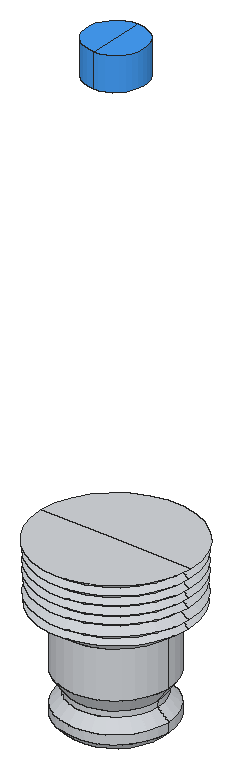
Revit family "Reece_Tap_Arco_Giro_Washing Machine Stop", category Plumbing Fixtures, host Face, Revit 2018
Family settings
  Host = Face
  Round Connector Dimension = Use Diameter
  Part Type = Normal
  Cut with Voids When Loaded = No
  Shared = Yes
  Room Calculation Point = Yes
Parameters (values of type "Chrome")
  Waste Connection = no
  WFU = 0  # constant formula
  Vent Connection = no
  URL = "https://www.reece.com.au/product/-1120171"
  Type Comments = "Tap"
  Reece_Water_Type_Switch [instance] = yes
  Reece_Water_Type [instance] = if(Reece_Water_Cold, "Cold Water", if(Reece_Water_Hot, "Hot Water", "Cold Water"))  # "Cold Water"
  Reece_Water_Hot [instance] = not(Reece_Water_Cold)  # no
  Reece_Water_Cold [instance] = Reece_Water_Type_Switch  # yes
  Reece_Tap_Reach = 36 mm  # constant formula
  Reece_Tap_Projection = 68 mm  # constant formula
  Reece_Tap_Outlet = 20 mm  # constant formula
  Reece_Tap_Inlet = 12.5 mm  # constant formula
  Reece_Product_Web Page = "https://www.reece.com.au/product/-1120171"
  Reece_Product_Type = "Tap"  # constant formula
  Reece_Product_Sub Brand = "Giro"  # constant formula
  Reece_Product_Number = "1120171"
  Reece_Product_Mount = "Wall Mounted"  # constant formula
  Reece_Product_Description = "Arco Giro Washing Machine Stop 15 x 20mm Chrome Lead Free"
  Reece_Product_Brand = "Arco"  # constant formula
  Reece_Overall_Height = 56 mm  # constant formula
  Reece_Material_Tap_Hot = Render_Hot_Water_Cap
  Reece_Material_Tap_Cold = Render_Cold_Water_Cap
  Reece_Material_Main = Reece_Brass_Chrome
  Reece_Detail_Type = "Washing Machine Stop"  # constant formula
  Reece_Detail_Installation = ""
  Reece_Detail_Disclaimer = "THIS FILE IS THE PROPERTY OF THE REECE GROUP. IT MAY NOT BE REPRODUCED, REVERSE-ENGINEERED, OR MODIFIED. ANY REPUBLICATION, TRANSMISSION, OR DISTRIBUTION FOR THE PURPOSE OF COMMERCIALLY EXPLOITING THE FILES IS PROHIBITED."  # constant formula
  Reece_Detail_Connector = ""
  Model = "Giro"
  Manufacturer = "Arco"
  Keynote = "Product #1120171, Reece_Tap_Arco_Giro_Washing Machine Stop - Chrome"
  HWFU = 0  # constant formula
  HW Connection = no
  Disclaimer = "THIS FILE IS THE PROPERTY OF THE REECE GROUP. IT MAY NOT BE REPRODUCED, REVERSE-ENGINEERED, OR MODIFIED. ANY REPUBLICATION, TRANSMISSION, OR DISTRIBUTION FOR THE PURPOSE OF COMMERCIALLY EXPLOITING THE FILES IS PROHIBITED."  # constant formula
  Description = "Arco Giro Washing Machine Stop 15 x 20mm Chrome Lead Free"
  Default Elevation = 0 mm
  Cost = 0
  CWFU = 0  # constant formula
  CW Connection = no
  Assembly Code = ""
Reference planes
  plane 1 "Center (Front/Back)": y = 0
  plane 2 "Bottom": z = 0
  plane 3 "Center (Left/Right)": x = 0
  plane 4: z = 68
  plane 5: y = 15
  plane 6: y = -41
  plane 7: z = 36
  plane 8: z = 51.8
Forms (mm)
  Revolve 1, solid
    sketch origin (29.571, 0, -7.825) x (1, 0, 0) y (0, 0, 1)
      loop
        line (-29.571, 7.825) -> (-40.893, 7.825) -> (-39.732, 7.013) -> (-40.669, 6.356) -> (-39.732, 5.699) -> (-40.669, 5.043) -> (-39.732, 4.386) -> (-40.669, 3.73) -> (-39.732, 3.073) -> (-40.605, 2.461) -> (-39.465, 1.663) -> (-40.669, 0.82) -> (-39.732, 0.163) -> (-40.605, -0.449) -> (-37.524, -2.607) -> (-37.524, -9.618) -> (-35.966, -11.842) -> (-35.966, -12.686) -> (-37.524, -14.243) -> (-37.524, -15.579) -> (-36.427, -16.676) -> (-29.571, -16.676) -> (-29.571, 7.825)
      axis (-29.571, 7.825) -> (-29.571, -16.676)
    angle from 0 to 360
  Revolve 2, void
    sketch origin (0, 0, 0) x (0, 1, 0) y (0, 0, 1)
      loop
        line (4.25, 68) -> (0, 68) -> (0, 63) -> (4.25, 63) -> (4.25, 68)
      axis (0, 68) -> (0, 63)
    angle from 0 to 360
  Revolve 3, solid, material "Render_Cold_Water_Cap" <- "Reece_Material_Tap_Cold", visible <- "Reece_Water_Cold"
    sketch origin (0, 0, 0) x (0, 1, 0) y (0, 0, 1)
      loop
        line (4.25, 68) -> (0, 68) -> (0, 63) -> (4.25, 63) -> (4.25, 68)
      axis (0, 68) -> (0, 63)
    angle from 0 to 360
  Revolve 4, solid, material "Render_Hot_Water_Cap" <- "Reece_Material_Tap_Hot", visible <- "Reece_Water_Hot"
    sketch origin (0, 0, 0) x (0, 1, 0) y (0, 0, 1)
      loop
        line (4.25, 68) -> (0, 68) -> (0, 63) -> (4.25, 63) -> (4.25, 68)
      axis (0, 68) -> (0, 63)
    angle from 0 to 360
  Revolve 5, void
    sketch origin (0, 0, 0) x (0, 1, 0) y (0, 0, 1)
      loop
        line (12.499, 0) -> (0, 0) -> (0, -30.643) -> (12.499, -30.643) -> (12.499, 0)
      axis (0, 0) -> (0, -30.643)
    angle from 0 to 360
Cuts and joins
  Revolve 2 cuts ?
Text (mm)
  text "Reece ©" at (-169.864, -190.533, 0), in view "Ref. Level"
  text "Reece ©" at (-0.183, 77.256, 75.547), in view "Reece Preview"
Dimensions and locks
  "Reece_Tap_Reach": plane 7 to host face
  "Reece_Tap_Projection": plane 4 to plane 2 "Bottom"
  "Reece_Overall_Height": plane 5 to plane 6
  equal spacing: host sketch curve, plane 3 "Center (Left/Right)", host sketch curve
  equal spacing: host sketch curve, plane 1 "Center (Front/Back)", host sketch curve
  aligned and locked: plane 2 "Bottom" to host face
  aligned and locked: level to host face
  aligned and locked: Revolve 2 sketch curve to plane 1 "Center (Front/Back)"
  aligned and locked: plane 4 to Revolve 2
  aligned and locked: Revolve 5 sketch curve to plane 1 "Center (Front/Back)"
Automatic sketch dimensions
  Revolve 1 sketch curve to level = 0 mm
  Revolve 1 sketch curve to plane 3 "Center (Left/Right)" = 0 mm  (x2)
  Revolve 1 sketch curve to plane 3 "Center (Left/Right)" = 6.395 mm
  Revolve 1 sketch curve to Revolve 1 sketch curve = 0.46 mm
  Revolve 1 sketch curve to Revolve 1 sketch curve = 1.557 mm  (x3)
  Revolve 1 sketch curve to Revolve 1 sketch curve = 1.942 mm
  Revolve 1 sketch curve to level = 2.126 mm
  Revolve 1 sketch curve to Revolve 1 sketch curve = 0.267 mm  (x2)
  Revolve 1 sketch curve to level = 3.439 mm
  Revolve 1 sketch curve to Revolve 1 sketch curve = 0 mm  (x3)
  Revolve 1 sketch curve to level = 0.813 mm
  Revolve 1 sketch curve to level = 4.752 mm
  Revolve 1 sketch curve to Revolve 1 sketch curve = 0.874 mm  (x2)
  Revolve 1 sketch curve to level = 5.364 mm
  Revolve 1 sketch curve to level = 2.783 mm
  Revolve 1 sketch curve to Revolve 1 sketch curve = 0.938 mm  (x4)
  Revolve 1 sketch curve to level = 1.469 mm
  Revolve 1 sketch curve to level = 4.096 mm
  Revolve 1 sketch curve to Revolve 1 sketch curve = 1.161 mm
  Revolve 1 sketch curve to Revolve 1 sketch curve = 0.798 mm
  Revolve 1 sketch curve to Revolve 1 sketch curve = 0.843 mm
  Revolve 1 sketch curve to Revolve 1 sketch curve = 0.657 mm
  Revolve 1 sketch curve to Revolve 1 sketch curve = 0.612 mm
  Revolve 1 sketch curve to Revolve 1 sketch curve = 2.77 mm
  Revolve 1 sketch curve to Revolve 1 sketch curve = 7.012 mm
  Revolve 1 sketch curve to Revolve 1 sketch curve = 2.224 mm
  Revolve 1 sketch curve to Revolve 1 sketch curve = 0.844 mm
  Revolve 1 sketch curve to Revolve 1 sketch curve = 1.336 mm
  Revolve 1 sketch curve to Revolve 1 sketch curve = 1.097 mm
  Revolve 1 sketch curve to Revolve 1 sketch curve = 2.609 mm
  Revolve 1 sketch curve to Revolve 1 sketch curve = 2.001 mm
  Revolve 2 sketch curve to plane 1 "Center (Front/Back)" = 0 mm
  Revolve 2 sketch curve to plane 4 = 0 mm
  Revolve 2 sketch curve to Revolve 2 sketch curve = 4.25 mm
  Revolve 2 sketch curve to Revolve 2 sketch curve = 5 mm
  Revolve 2 sketch curve to Revolve 2 sketch curve = 4.229 mm
  plane 4 to Revolve 2 sketch curve = 15.771 mm
  Revolve 3 sketch curve to plane 1 "Center (Front/Back)" = 0 mm  (x2)
  Revolve 3 sketch curve to plane 4 = 0 mm
  Revolve 3 sketch curve to Revolve 3 sketch curve = 4.25 mm
  Revolve 3 sketch curve to Revolve 3 sketch curve = 5 mm
  Revolve 3 sketch curve to Revolve 3 sketch curve = 4.229 mm
  plane 4 to Revolve 3 sketch curve = 15.771 mm
  Revolve 4 sketch curve to plane 1 "Center (Front/Back)" = 0 mm  (x2)
  Revolve 4 sketch curve to plane 4 = 0 mm
  Revolve 4 sketch curve to Revolve 4 sketch curve = 4.25 mm
  Revolve 4 sketch curve to Revolve 4 sketch curve = 5 mm
  Revolve 4 sketch curve to Revolve 4 sketch curve = 4.229 mm
  plane 4 to Revolve 4 sketch curve = 15.771 mm
  level to Revolve 5 sketch curve = 0 mm
  Revolve 5 sketch curve to plane 1 "Center (Front/Back)" = 0 mm
  plane 5 to Revolve 5 sketch curve = 2.501 mm
  Revolve 5 sketch curve to level = 30.643 mm
  Revolve 5 sketch curve to Revolve 5 sketch curve = 12.065 mm
  Revolve 5 sketch curve to Revolve 5 sketch curve = 6.426 mm
Connectors
  piping at (0, 0, 1.281), diameter 12.5, driven by "Reece_Tap_Inlet"
    settings: on cut or joined group of Revolve 2, index 1, connector inside diameter 609.6 mm, connector length 0 mm, flow factor 0, pipe flow 0.0 L/s, pressure drop 0.0 Pa, fitting loss kfactor 0, connector angle 0.00°, fixture units 0, engagement length 0 mm, angle of deflection 0.00°, flow configuration 0, flow direction 1, fitting loss method 0, system type 29, joint type 0, gender type 0, connector reference index -1, connector utility 0, adjustable connector no, is connector primary yes, connector description ""
  piping at (0, -30.594, 35.999), diameter 20, driven by "Reece_Tap_Outlet"
    settings: on cut or joined group of Revolve 2, index 2, connector inside diameter 609.6 mm, connector length 0 mm, flow factor 0, pipe flow 0.0 L/s, pressure drop 0.0 Pa, fitting loss kfactor 0, connector angle 0.00°, fixture units 0, engagement length 0 mm, angle of deflection 0.00°, flow configuration 0, flow direction 2, fitting loss method 0, system type 29, joint type 0, gender type 0, connector reference index -1, connector utility 0, adjustable connector no, is connector primary no, connector description ""
